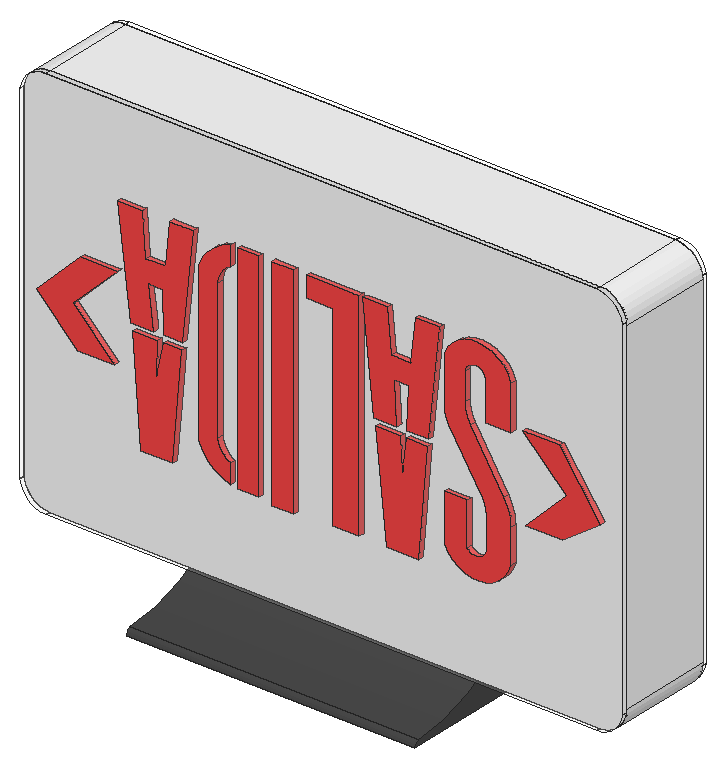
Revit family "CSR", category Lighting Fixtures, host Face, Revit 2021
Family settings
  Host = Face
  Round Connector Dimension = Use Diameter
  Part Type = Normal
  OmniClass Number = 23.80.70.11.21
  OmniClass Title = Emergency Lighting
  Cut with Voids When Loaded = No
  Light Source = No
  Shared = No
  Room Calculation Point = No
Parameters (values of type "CSRIV")
  zz Length 1 [instance] = if(Single Face, 0.200", 0.250")  # 0.200"
  Watts = 3.8 W
  Wattage Comments = "3.8W"
  Warranty = "2 year full unit warranty"  # constant formula
  Wall Plate Material = Black
  Voltage [instance] = if(Is 120VAC, 120 V, 277 V)  # 120 V
  URL = "https://www.currentlighting.com/compass"
  Type Comments = "Exit Light"  # constant formula
  Single Face = yes
  Product Page URL = ""
  Product Documentation Link = ""
  Model = "CSRIV"
  Manufacturer = "Compass Products"  # constant formula
  Load Classification = Lighting
  Lens = Red Glass
  Length [instance] = 11.500"
  Lamp = "LED Lamp"  # constant formula
  Is 277VAC [instance] = not(Is 120VAC)  # no
  Is 120VAC [instance] = yes
  Holder Material = Steel
  Glass = light Glass
  Finish = White
  Features = "• LED life-cycle of more than 10 years\r\n• Molded-in template for Quick installation\r\n• Meets International input voltage requirements\r\n• Optional long-life 4.8V Nickel Cadmium battery for\r\n90 minute emergency lighting\r\n• Provided with test switch and AC-On indicator\r\n• Canopy Included"  # constant formula
  Double Face = no
  Description = "The Compass International Exit offers quality and value\r\nwith a compact and attractive LED based emergency\r\nexit. The white housing is made of high impact UL flame\r\nrated thermoplastic. Snap together canopy, housing\r\nand removable chevrons for quick and easy installation.\r\nUniversal single or double-face with SALIDA panel."  # constant formula
  Default Elevation = 48.000"
  Certification = "UL924 Listed for Wet Location\r\nNFPA 101 and NFPA 70\r\nOSHA\r\nCEC T20 Compliant"  # constant formula
  Application = "The CSR Series can be applied in stair-wells, hallways,\r\noffices and other commercial applications. Offers 120 or\r\n220-240VAC input at 50/60HZ."  # constant formula
  Apparent Load = Watts  # 3.8 VA
Reference planes (in)
  plane 1 "Center (Front/Back)": y = 0
  plane 2: z = 0
  plane 3 "Center (Left/Right)": x = 0
  plane 4: x = -5.75
  plane 5: x = 5.75
  plane 6: x = -2.75
  plane 7: x = 2.75
  plane 8: z = 8.2
  plane 9: y = -1
  plane 10: y = 1
  plane 11: y = -2.2
  plane 12: y = 2.2
  plane 13: y = -0.9
  plane 14: y = 0.9
Forms (in)
  Extrusion 1, solid, material "Black" <- "Wall Plate Material"
    sketch origin (0, 0, 0) x (0, 1, 0) y (0, 0, 1)
      loop
        arc (2.20471, 0) -> (2.17787, 0.06136) -> (2.12433, 0.10161) r 0.1318
        arc (2.12433, 0.10161) -> (1.22549, 0.26763) -> (0.40876, 0.67804) r 3.24074
        arc (0.40876, 0.67804) -> (0.39495, 0.66396) -> (0.38531, 0.64676) r 0.07482
        line (0.38531, 0.64676) -> (-0.38531, 0.64676)
        arc (-0.38531, 0.64676) -> (-0.39495, 0.66396) -> (-0.40876, 0.67804) r 0.07482
        arc (-0.40876, 0.67804) -> (-1.22549, 0.26763) -> (-2.12433, 0.10161) r 3.24074
        arc (-2.12433, 0.10161) -> (-2.17787, 0.06136) -> (-2.20471, 0) r 0.1318
        line (-2.20471, 0) -> (2.20471, 0)
    from -2.75 to 2.75
  Extrusion 2, solid, material "White" <- "Finish"
    sketch origin (0, 0, 0) x (1, 0, 0) y (0, 0, 1)
      loop
        arc (-5.25, 8.2) -> (-5.60355, 8.05355) -> (-5.75, 7.7) r 0.5
        line (-5.75, 7.7) -> (-5.75, 1.14676)
        arc (-5.75, 1.14676) -> (-5.60355, 0.79321) -> (-5.25, 0.64676) r 0.5
        line (-5.25, 0.64676) -> (5.25, 0.64676)
        arc (5.25, 0.64676) -> (5.60355, 0.79321) -> (5.75, 1.14676) r 0.5
        line (5.75, 1.14676) -> (5.75, 7.7)
        arc (5.75, 7.7) -> (5.60355, 8.05355) -> (5.25, 8.2) r 0.5
        line (5.25, 8.2) -> (-5.25, 8.2)
    from -0.9 to 0.9
  Extrusion 3, solid, material "Red Glass" <- "Lens", visible <- "Single Face"
    sketch origin (0, 0, 1.25) x (1, 0, 0) y (0, 0, 1)
      loop
        line (3.89694, 2.42856) -> (4.59852, 2.42856) -> (5.33025, 2.95343) -> (4.55165, 4.03889) -> (3.85007, 4.03889) -> (4.67867, 3.21028) -> (3.89694, 2.42856)
      loop
        arc (2.75009, 4.67867) -> (2.94439, 4.83538) -> (3.13814, 4.678) r 0.19838
        line (3.13814, 4.678) -> (3.13814, 3.928) -> (3.62252, 3.928) -> (3.62252, 4.77295)
        arc (3.62252, 4.77295) -> (3.00964, 5.25196) -> (2.35092, 4.83826) r 0.67689
        line (2.35092, 4.83826) -> (2.35092, 3.94336)
        arc (2.35092, 3.94336) -> (2.37344, 3.78315) -> (2.43924, 3.63535) r 0.58124
        line (2.43924, 3.63535) -> (3.07128, 2.62388)
        arc (3.07128, 2.62388) -> (3.13274, 2.48584) -> (3.15377, 2.3362) r 0.54288
        line (3.15377, 2.3362) -> (3.15377, 1.74187)
        arc (3.15377, 1.74187) -> (2.99241, 1.58166) -> (2.78183, 1.66743) r 0.2061
        line (2.78183, 1.66743) -> (2.78183, 2.47624) -> (2.35092, 2.47624) -> (2.35092, 1.58161)
        arc (2.35092, 1.58161) -> (3.00964, 1.16791) -> (3.62252, 1.64692) r 0.67689
        line (3.62252, 1.64692) -> (3.62252, 2.31127)
        arc (3.62252, 2.31127) -> (3.58869, 2.55195) -> (3.48984, 2.77398) r 0.87316
        line (3.48984, 2.77398) -> (2.85439, 3.79091)
        arc (2.85439, 3.79091) -> (2.77668, 3.96545) -> (2.75009, 4.15464) r 0.68638
        line (2.75009, 4.15464) -> (2.75009, 4.67867)
      loop
        line (1.27336, 5.24802) -> (0.79954, 5.24802) -> (1.0086, 3.25898) -> (1.44738, 3.25898) -> (1.40061, 4.03954) -> (1.66947, 4.03954) -> (1.62573, 3.25898) -> (2.0447, 3.25898) -> (2.25375, 5.24802) -> (1.79649, 5.24802) -> (1.71319, 4.45546) -> (1.3427, 4.45546) -> (1.27336, 5.24802)
      loop
        line (1.04357, 3.12676) -> (1.24776, 1.13437) -> (1.85649, 1.13437) -> (2.0308, 3.12676) -> (1.62222, 3.12676) -> (1.55275, 2.52316) -> (1.51054, 3.12676) -> (1.04357, 3.12676)
      loop
        line (-0.27801, 5.24802) -> (-0.27801, 4.85312) -> (0.22199, 4.85312) -> (0.22199, 1.13437) -> (0.72199, 1.13437) -> (0.72199, 5.24802) -> (-0.27801, 5.24802)
      loop
        line (-0.94457, 5.24802) -> (-0.94457, 1.07644) -> (-0.52467, 1.07644) -> (-0.52467, 5.24802) -> (-0.94457, 5.24802)
      loop
        line (-1.59247, 5.24802) -> (-1.59247, 1.13437) -> (-1.19234, 1.13437) -> (-1.19234, 5.24802) -> (-1.59247, 5.24802)
      loop
        line (-1.72748, 4.88692) -> (-1.72748, 5.24802)
        arc (-1.72748, 5.24802) -> (-2.10015, 5.05068) -> (-2.33537, 4.70067) r 0.86562
        line (-2.33537, 4.70067) -> (-2.33537, 1.70791)
        arc (-2.33537, 1.70791) -> (-2.10015, 1.3579) -> (-1.72748, 1.16056) r 0.86562
        line (-1.72748, 1.16056) -> (-1.72748, 1.52166)
        arc (-1.72748, 1.52166) -> (-1.89112, 1.67124) -> (-1.96743, 1.87939) r 0.46741
        line (-1.96743, 1.87939) -> (-1.96743, 4.52919)
        arc (-1.96743, 4.52919) -> (-1.89112, 4.73735) -> (-1.72748, 4.88692) r 0.46741
      loop
        line (-3.41493, 5.24802) -> (-3.88874, 5.24802) -> (-3.62968, 3.25898) -> (-3.19091, 3.25898) -> (-3.28767, 4.03954) -> (-3.01881, 4.03954) -> (-3.01256, 3.25898) -> (-2.64359, 3.25898) -> (-2.43453, 5.24802) -> (-2.89179, 5.24802) -> (-2.9751, 4.45546) -> (-3.34559, 4.45546) -> (-3.41493, 5.24802)
      loop
        line (-3.59472, 3.12676) -> (-3.44052, 1.13437) -> (-2.83179, 1.13437) -> (-2.65748, 3.12676) -> (-3.01606, 3.12676) -> (-3.13553, 2.52316) -> (-3.12774, 3.12676) -> (-3.59472, 3.12676)
      loop
        line (-3.94069, 2.42856) -> (-4.72242, 3.21028) -> (-3.89382, 4.03889) -> (-4.5954, 4.03889) -> (-5.424, 3.21028) -> (-4.64227, 2.42856) -> (-3.94069, 2.42856)
    from 0.9 to 1
  Extrusion 4, solid, material "light Glass" <- "Glass", visible <- "Single Face"
    sketch origin (0, 0, 0) x (1, 0, 0) y (0, 0, 1)
      loop
        arc (-5.25, 8.2) -> (-5.58164, 8.07419) -> (-5.74638, 7.76007) r 0.5
        line (-5.74638, 7.76007) -> (-5.74638, 1.08669)
        arc (-5.74638, 1.08669) -> (-5.58164, 0.77257) -> (-5.25, 0.64676) r 0.5
        line (-5.25, 0.64676) -> (5.25, 0.64676)
        arc (5.25, 0.64676) -> (5.58164, 0.77257) -> (5.74638, 1.08669) r 0.5
        line (5.74638, 1.08669) -> (5.74638, 7.76007)
        arc (5.74638, 7.76007) -> (5.58164, 8.07419) -> (5.25, 8.2) r 0.5
        line (5.25, 8.2) -> (-5.25, 8.2)
    from 0.9 to 1
  Extrusion 5, solid, material "Red Glass" <- "Lens", visible <- "Double Face"
    sketch origin (0, 0, 1.25) x (1, 0, 0) y (0, 0, -1)
      loop
        line (-4.01768, -2.42856) -> (-4.71926, -2.42856) -> (-5.50098, -3.21028) -> (-4.67238, -4.03889) -> (-3.9708, -4.03889) -> (-4.79941, -3.21028) -> (-4.01768, -2.42856)
      loop
        arc (-2.87083, -4.67867) -> (-3.06512, -4.83538) -> (-3.25888, -4.678) r 0.19838
        line (-3.25888, -4.678) -> (-3.25888, -3.928) -> (-3.74325, -3.928) -> (-3.74325, -4.77295)
        arc (-3.74325, -4.77295) -> (-3.13038, -5.25196) -> (-2.47166, -4.83826) r 0.67689
        line (-2.47166, -4.83826) -> (-2.47166, -3.94336)
        arc (-2.47166, -3.94336) -> (-2.49417, -3.78315) -> (-2.55998, -3.63535) r 0.58124
        line (-2.55998, -3.63535) -> (-3.19201, -2.62388)
        arc (-3.19201, -2.62388) -> (-3.25347, -2.48584) -> (-3.2745, -2.3362) r 0.54288
        line (-3.2745, -2.3362) -> (-3.2745, -1.74187)
        arc (-3.2745, -1.74187) -> (-3.11315, -1.58166) -> (-2.90256, -1.66743) r 0.2061
        line (-2.90256, -1.66743) -> (-2.90256, -2.47624) -> (-2.47166, -2.47624) -> (-2.47166, -1.58161)
        arc (-2.47166, -1.58161) -> (-3.13038, -1.16791) -> (-3.74325, -1.64692) r 0.67689
        line (-3.74325, -1.64692) -> (-3.74325, -2.31127)
        arc (-3.74325, -2.31127) -> (-3.70943, -2.55195) -> (-3.61058, -2.77398) r 0.87316
        line (-3.61058, -2.77398) -> (-2.97513, -3.79091)
        arc (-2.97513, -3.79091) -> (-2.89742, -3.96545) -> (-2.87083, -4.15464) r 0.68638
        line (-2.87083, -4.15464) -> (-2.87083, -4.67867)
      loop
        line (-1.39409, -5.24802) -> (-0.92028, -5.24802) -> (-1.12933, -3.25898) -> (-1.56811, -3.25898) -> (-1.52135, -4.03954) -> (-1.79021, -4.03954) -> (-1.74646, -3.25898) -> (-2.16543, -3.25898) -> (-2.37449, -5.24802) -> (-1.91723, -5.24802) -> (-1.83392, -4.45546) -> (-1.46343, -4.45546) -> (-1.39409, -5.24802)
      loop
        line (-1.1643, -3.12676) -> (-1.36849, -1.13437) -> (-1.97722, -1.13437) -> (-2.15154, -3.12676) -> (-1.74296, -3.12676) -> (-1.67349, -2.52316) -> (-1.63128, -3.12676) -> (-1.1643, -3.12676)
      loop
        line (0.15727, -5.24802) -> (0.15727, -4.85312) -> (-0.34273, -4.85312) -> (-0.34273, -1.13437) -> (-0.84273, -1.13437) -> (-0.84273, -5.24802) -> (0.15727, -5.24802)
      loop
        line (0.82383, -5.24802) -> (0.82383, -1.07644) -> (0.40393, -1.07644) -> (0.40393, -5.24802) -> (0.82383, -5.24802)
      loop
        line (1.47173, -5.24802) -> (1.47173, -1.13437) -> (1.07161, -1.13437) -> (1.07161, -5.24802) -> (1.47173, -5.24802)
      loop
        line (1.60674, -4.88692) -> (1.60674, -5.24802)
        arc (1.60674, -5.24802) -> (1.97942, -5.05068) -> (2.21463, -4.70067) r 0.86562
        line (2.21463, -4.70067) -> (2.21463, -1.70791)
        arc (2.21463, -1.70791) -> (1.97942, -1.3579) -> (1.60674, -1.16056) r 0.86562
        line (1.60674, -1.16056) -> (1.60674, -1.52166)
        arc (1.60674, -1.52166) -> (1.77038, -1.67124) -> (1.84669, -1.87939) r 0.46741
        line (1.84669, -1.87939) -> (1.84669, -4.52919)
        arc (1.84669, -4.52919) -> (1.77038, -4.73735) -> (1.60674, -4.88692) r 0.46741
      loop
        line (3.29419, -5.24802) -> (3.768, -5.24802) -> (3.55895, -3.25898) -> (3.12017, -3.25898) -> (3.16694, -4.03954) -> (2.89807, -4.03954) -> (2.94182, -3.25898) -> (2.52285, -3.25898) -> (2.31379, -5.24802) -> (2.77106, -5.24802) -> (2.85436, -4.45546) -> (3.22485, -4.45546) -> (3.29419, -5.24802)
      loop
        line (3.52398, -3.12676) -> (3.31979, -1.13437) -> (2.71106, -1.13437) -> (2.53675, -3.12676) -> (2.94532, -3.12676) -> (3.01479, -2.52316) -> (3.057, -3.12676) -> (3.52398, -3.12676)
      loop
        line (3.86996, -2.42856) -> (4.65168, -3.21028) -> (3.82308, -4.03889) -> (4.52466, -4.03889) -> (5.35326, -3.21028) -> (4.57153, -2.42856) -> (3.86996, -2.42856)
    from 0.9 to 1
  Extrusion 6, solid, material "light Glass" <- "Glass", visible <- "Single Face"
    sketch origin (0, 0, 0) x (1, 0, 0) y (0, 0, -1)
      loop
        line (-5.25, -8.2) -> (5.25, -8.2)
        arc (5.25, -8.2) -> (5.58164, -8.07419) -> (5.74638, -7.76007) r 0.5
        line (5.74638, -7.76007) -> (5.74638, -1.08669)
        arc (5.74638, -1.08669) -> (5.58164, -0.77257) -> (5.25, -0.64676) r 0.5
        line (5.25, -0.64676) -> (-5.25, -0.64676)
        arc (-5.25, -0.64676) -> (-5.58164, -0.77257) -> (-5.74638, -1.08669) r 0.5
        line (-5.74638, -1.08669) -> (-5.74638, -7.76007)
        arc (-5.74638, -7.76007) -> (-5.58164, -8.07419) -> (-5.25, -8.2) r 0.5
    from 0.9 to 1
Dimensions and locks (in)
  plane 4 to plane 3 "Center (Left/Right)" = 5.750"
  equal spacing: plane 4, plane 3 "Center (Left/Right)", plane 5
  equal spacing: plane 6, plane 3 "Center (Left/Right)", plane 7
  plane 6 to plane 3 "Center (Left/Right)" = 2.750"
  plane 7 to plane 6 = 5.500"
  plane 8 to plane 2 = 8.200"
  "Length": plane 5 to plane 4
  plane 10 to plane 9 = 2.000"
  aligned and locked: plane 2 to host face
  aligned and locked: level to host face
  aligned and locked: Extrusion 1 to plane 6
  aligned and locked: plane 7 to Extrusion 1
  aligned and locked: plane 13 to Extrusion 2
  aligned and locked: plane 14 to Extrusion 6
  aligned and locked: Extrusion 6 to plane 10
  aligned and locked: Extrusion 6 to Extrusion 5
  aligned and locked: Extrusion 5 to plane 10
  aligned and locked: Extrusion 2 to Extrusion 5
  aligned and locked: Extrusion 4 to Extrusion 2
  aligned and locked: plane 9 to Extrusion 4
  aligned and locked: Extrusion 3 to Extrusion 2
  aligned and locked: plane 9 to Extrusion 3
Automatic sketch dimensions
  host sketch curve to host sketch curve = 96.000"  (x2)
  Extrusion 2 sketch curve to plane 4 = 0.000"
  Extrusion 2 sketch curve to plane 8 = 0.000"
  Extrusion 2 sketch curve to plane 5 = 0.000"
  plane 4 to Extrusion 2 sketch curve = 0.500"  (x2)
  Extrusion 2 sketch curve to plane 5 = 0.500"  (x2)
  level to Extrusion 2 sketch curve = 1.14676"
  plane 4 to Extrusion 3 sketch curve = 0.326"
  Extrusion 3 sketch curve to Extrusion 3 sketch curve = 0.70158"  (x5)
  Extrusion 3 sketch curve to Extrusion 3 sketch curve = 0.08015"  (x2)
  Extrusion 3 sketch curve to Extrusion 3 sketch curve = 0.12702"
  Extrusion 3 sketch curve to plane 6 = 1.13874"
  Extrusion 3 sketch curve to Extrusion 3 sketch curve = 0.26413"
  Extrusion 3 sketch curve to Extrusion 3 sketch curve = 0.03497"  (x2)
  Extrusion 3 sketch curve to plane 6 = 0.69052"
  Extrusion 3 sketch curve to Extrusion 3 sketch curve = 0.47381"  (x2)
  Extrusion 3 sketch curve to plane 6 = 0.59559"
  Extrusion 3 sketch curve to Extrusion 3 sketch curve = 0.05791"  (x2)
  Extrusion 3 sketch curve to Extrusion 3 sketch curve = 0.40381"  (x2)
  Extrusion 3 sketch curve to Extrusion 3 sketch curve = 0.06317"  (x2)
  Extrusion 3 sketch curve to plane 6 = 0.38553"
  Extrusion 3 sketch curve to Extrusion 3 sketch curve = 0.11168"  (x2)
  Extrusion 3 sketch curve to Extrusion 3 sketch curve = 0.0035"  (x2)
  Extrusion 3 sketch curve to plane 6 = 0.26881"
  Extrusion 3 sketch curve to plane 6 = 0.2251"
  Extrusion 3 sketch curve to plane 6 = 0.14179"
  Extrusion 3 sketch curve to plane 6 = 0.08179"
  plane 6 to Extrusion 3 sketch curve = 0.09252"
  plane 6 to Extrusion 3 sketch curve = 0.10641"
  plane 6 to Extrusion 3 sketch curve = 0.31547"
  plane 6 to Extrusion 3 sketch curve = 0.41463"
  Extrusion 3 sketch curve to Extrusion 3 sketch curve = 0.36794"
  Extrusion 3 sketch curve to Extrusion 3 sketch curve = 0.23995"
  Extrusion 3 sketch curve to Extrusion 3 sketch curve = 0.70705"
  Extrusion 3 sketch curve to Extrusion 3 sketch curve = 0.13501"
  Extrusion 3 sketch curve to Extrusion 3 sketch curve = 0.44649"  (x2)
  Extrusion 3 sketch curve to Extrusion 3 sketch curve = 0.01799"  (x2)
  Extrusion 3 sketch curve to Extrusion 3 sketch curve = 0.40013"
  Extrusion 3 sketch curve to Extrusion 3 sketch curve = 0.24778"
  Extrusion 3 sketch curve to Extrusion 3 sketch curve = 0.4199"
  Extrusion 3 sketch curve to Extrusion 3 sketch curve = 0.24666"
  plane 3 "Center (Left/Right)" to Extrusion 3 sketch curve = 0.22199"
  Extrusion 3 sketch curve to Extrusion 3 sketch curve = 0.500"
  Extrusion 3 sketch curve to Extrusion 3 sketch curve = 0.07755"
  plane 3 "Center (Left/Right)" to Extrusion 3 sketch curve = 1.0086"
  Extrusion 3 sketch curve to Extrusion 3 sketch curve = 0.52576"
  Extrusion 3 sketch curve to Extrusion 3 sketch curve = 0.06934"
  Extrusion 3 sketch curve to Extrusion 3 sketch curve = 0.04221"
  Extrusion 3 sketch curve to Extrusion 3 sketch curve = 0.26886"
  Extrusion 3 sketch curve to Extrusion 3 sketch curve = 0.37049"
  Extrusion 3 sketch curve to Extrusion 3 sketch curve = 0.52313"
  Extrusion 3 sketch curve to Extrusion 3 sketch curve = 0.60873"
  Extrusion 3 sketch curve to Extrusion 3 sketch curve = 0.40858"
  Extrusion 3 sketch curve to Extrusion 3 sketch curve = 0.0139"
  Extrusion 3 sketch curve to Extrusion 3 sketch curve = 0.45726"
  Extrusion 3 sketch curve to plane 7 = 0.39908"  (x2)
  Extrusion 3 sketch curve to plane 7 = 0.31076"
  Extrusion 3 sketch curve to plane 7 = 0.13911"
  Extrusion 3 sketch curve to plane 7 = 0.00064"
  plane 7 to Extrusion 3 sketch curve = 0.00009"
  plane 7 to Extrusion 3 sketch curve = 0.03183"
  plane 7 to Extrusion 3 sketch curve = 0.10439"
  Extrusion 3 sketch curve to Extrusion 3 sketch curve = 0.07777"
  plane 7 to Extrusion 3 sketch curve = 0.19405"
  plane 7 to Extrusion 3 sketch curve = 0.20197"
  Extrusion 3 sketch curve to Extrusion 3 sketch curve = 0.02296"
  Extrusion 3 sketch curve to Extrusion 3 sketch curve = 0.03088"
  plane 7 to Extrusion 3 sketch curve = 0.32128"
  Extrusion 3 sketch curve to Extrusion 3 sketch curve = 0.20598"
  Extrusion 3 sketch curve to Extrusion 3 sketch curve = 0.08249"
  Extrusion 3 sketch curve to Extrusion 3 sketch curve = 0.29833"
  Extrusion 3 sketch curve to Extrusion 3 sketch curve = 0.41856"
  Extrusion 3 sketch curve to Extrusion 3 sketch curve = 0.18604"
  Extrusion 3 sketch curve to Extrusion 3 sketch curve = 0.46875"
  Extrusion 3 sketch curve to Extrusion 3 sketch curve = 0.22755"
  Extrusion 3 sketch curve to Extrusion 3 sketch curve = 0.27443"
  Extrusion 3 sketch curve to plane 5 = 0.41975"
  level to Extrusion 3 sketch curve = 2.32644"
  Extrusion 3 sketch curve to Extrusion 3 sketch curve = 0.05793"  (x2)
  Extrusion 3 sketch curve to Extrusion 3 sketch curve = 0.000"  (x6)
  Extrusion 3 sketch curve to Extrusion 3 sketch curve = 0.02619"
  Extrusion 3 sketch curve to Extrusion 3 sketch curve = 0.3611"
  Extrusion 3 sketch curve to Extrusion 3 sketch curve = 0.44724"
  Extrusion 3 sketch curve to Extrusion 3 sketch curve = 0.06531"
  Extrusion 3 sketch curve to Extrusion 3 sketch curve = 0.17648"
  Extrusion 3 sketch curve to Extrusion 3 sketch curve = 0.18625"
  Extrusion 3 sketch curve to Extrusion 3 sketch curve = 0.10204"  (x2)
  Extrusion 3 sketch curve to Extrusion 3 sketch curve = 0.17148"  (x2)
  Extrusion 3 sketch curve to Extrusion 3 sketch curve = 0.46736"
  Extrusion 3 sketch curve to Extrusion 3 sketch curve = 0.02493"
  Extrusion 3 sketch curve to Extrusion 3 sketch curve = 0.11728"
  Extrusion 3 sketch curve to Extrusion 3 sketch curve = 1.29419"
  Extrusion 3 sketch curve to Extrusion 3 sketch curve = 0.14004"
  Extrusion 3 sketch curve to Extrusion 3 sketch curve = 0.0946"
  Extrusion 3 sketch curve to Extrusion 3 sketch curve = 0.04691"
  Extrusion 3 sketch curve to Extrusion 3 sketch curve = 0.6036"  (x2)
  Extrusion 3 sketch curve to Extrusion 3 sketch curve = 0.78173"  (x2)
  Extrusion 3 sketch curve to Extrusion 3 sketch curve = 0.13222"  (x4)
  Extrusion 3 sketch curve to Extrusion 3 sketch curve = 0.37637"
  Extrusion 3 sketch curve to Extrusion 3 sketch curve = 0.15245"
  Extrusion 3 sketch curve to Extrusion 3 sketch curve = 0.01536"
  Extrusion 3 sketch curve to Extrusion 3 sketch curve = 0.78057"  (x2)
  Extrusion 3 sketch curve to Extrusion 3 sketch curve = 0.36786"
  Extrusion 3 sketch curve to Extrusion 3 sketch curve = 0.41591"  (x2)
  Extrusion 3 sketch curve to Extrusion 3 sketch curve = 0.06957"
  Extrusion 3 sketch curve to Extrusion 3 sketch curve = 0.12179"
  Extrusion 3 sketch curve to Extrusion 3 sketch curve = 0.42132"
  Extrusion 3 sketch curve to Extrusion 3 sketch curve = 0.06104"
  Extrusion 3 sketch curve to Extrusion 3 sketch curve = 0.09495"
  Extrusion 3 sketch curve to Extrusion 3 sketch curve = 0.39766"
  Extrusion 3 sketch curve to Extrusion 3 sketch curve = 0.3949"  (x2)
  Extrusion 3 sketch curve to Extrusion 3 sketch curve = 0.79257"
  Extrusion 3 sketch curve to Extrusion 3 sketch curve = 0.54735"
  Extrusion 3 sketch curve to Extrusion 3 sketch curve = 0.40976"
  Extrusion 4 sketch curve to plane 8 = 0.000"
  plane 4 to Extrusion 4 sketch curve = 0.00362"
  plane 4 to Extrusion 4 sketch curve = 0.500"  (x2)
  Extrusion 4 sketch curve to plane 5 = 0.500"  (x2)
  Extrusion 4 sketch curve to plane 5 = 0.00362"
  Extrusion 4 sketch curve to plane 8 = 0.43993"  (x2)
  level to Extrusion 4 sketch curve = 1.14676"  (x2)
  Extrusion 4 sketch curve to Extrusion 4 sketch curve = 0.06007"
  Extrusion 6 sketch curve to plane 8 = 0.000"
  plane 4 to Extrusion 6 sketch curve = 0.00362"
  plane 4 to Extrusion 6 sketch curve = 0.500"  (x2)
  Extrusion 6 sketch curve to plane 5 = 0.500"  (x2)
  Extrusion 6 sketch curve to plane 5 = 0.00362"
  Extrusion 6 sketch curve to plane 8 = 0.43993"  (x2)
  level to Extrusion 6 sketch curve = 1.14676"  (x2)
  Extrusion 6 sketch curve to Extrusion 6 sketch curve = 0.06007"
  Extrusion 5 sketch curve to plane 8 = 3.73972"  (x3)
  plane 4 to Extrusion 5 sketch curve = 0.24902"
  Extrusion 5 sketch curve to Extrusion 5 sketch curve = 0.70158"  (x5)
  Extrusion 5 sketch curve to Extrusion 5 sketch curve = 0.08015"  (x2)
  Extrusion 5 sketch curve to Extrusion 5 sketch curve = 0.12702"
  level to Extrusion 5 sketch curve = 3.67856"
  Extrusion 5 sketch curve to Extrusion 5 sketch curve = 0.27443"
  Extrusion 5 sketch curve to Extrusion 5 sketch curve = 0.22755"
  level to Extrusion 5 sketch curve = 4.02398"
  Extrusion 5 sketch curve to Extrusion 5 sketch curve = 0.13268"
  Extrusion 5 sketch curve to Extrusion 5 sketch curve = 0.18604"
  Extrusion 5 sketch curve to Extrusion 5 sketch curve = 0.46875"
  Extrusion 5 sketch curve to Extrusion 5 sketch curve = 0.29833"
  level to Extrusion 5 sketch curve = 3.87388"
  Extrusion 5 sketch curve to Extrusion 5 sketch curve = 0.08249"
  Extrusion 5 sketch curve to Extrusion 5 sketch curve = 0.17884"
  Extrusion 5 sketch curve to Extrusion 5 sketch curve = 0.16322"
  Extrusion 5 sketch curve to Extrusion 5 sketch curve = 0.02296"
  Extrusion 5 sketch curve to Extrusion 5 sketch curve = 0.03088"
  Extrusion 5 sketch curve to Extrusion 5 sketch curve = 0.20598"
  Extrusion 5 sketch curve to plane 8 = 3.15909"
  Extrusion 5 sketch curve to Extrusion 5 sketch curve = 0.07777"
  Extrusion 5 sketch curve to Extrusion 5 sketch curve = 0.17014"
  Extrusion 5 sketch curve to Extrusion 5 sketch curve = 0.18207"
  Extrusion 5 sketch curve to Extrusion 5 sketch curve = 0.03247"
  Extrusion 5 sketch curve to Extrusion 5 sketch curve = 0.13847"
  Extrusion 5 sketch curve to plane 8 = 3.31465"
  Extrusion 5 sketch curve to Extrusion 5 sketch curve = 0.41515"
  Extrusion 5 sketch curve to Extrusion 5 sketch curve = 0.25997"
  Extrusion 5 sketch curve to Extrusion 5 sketch curve = 0.08832"
  Extrusion 5 sketch curve to Extrusion 5 sketch curve = 0.09717"
  Extrusion 5 sketch curve to Extrusion 5 sketch curve = 0.39454"
  Extrusion 5 sketch curve to Extrusion 5 sketch curve = 0.0139"  (x2)
  level to Extrusion 5 sketch curve = 2.38437"  (x2)
  Extrusion 5 sketch curve to Extrusion 5 sketch curve = 0.49443"
  Extrusion 5 sketch curve to plane 8 = 1.70198"  (x2)
  Extrusion 5 sketch curve to Extrusion 5 sketch curve = 0.45726"  (x2)
  Extrusion 5 sketch curve to Extrusion 5 sketch curve = 0.63773"
  Extrusion 5 sketch curve to Extrusion 5 sketch curve = 0.04371"  (x2)
  Extrusion 5 sketch curve to Extrusion 5 sketch curve = 0.41897"  (x2)
  Extrusion 5 sketch curve to Extrusion 5 sketch curve = 0.0035"  (x2)
  level to Extrusion 5 sketch curve = 3.77316"
  Extrusion 5 sketch curve to Extrusion 5 sketch curve = 0.06947"  (x2)
  Extrusion 5 sketch curve to Extrusion 5 sketch curve = 0.11168"  (x2)
  Extrusion 5 sketch curve to plane 8 = 3.69102"
  Extrusion 5 sketch curve to Extrusion 5 sketch curve = 0.06317"  (x2)
  Extrusion 5 sketch curve to plane 8 = 2.91046"  (x2)
  Extrusion 5 sketch curve to Extrusion 5 sketch curve = 0.26886"  (x2)
  Extrusion 5 sketch curve to Extrusion 5 sketch curve = 0.37049"  (x2)
  Extrusion 5 sketch curve to Extrusion 5 sketch curve = 0.52313"  (x2)
  Extrusion 5 sketch curve to Extrusion 5 sketch curve = 0.60873"  (x2)
  Extrusion 5 sketch curve to plane 8 = 3.82324"
  Extrusion 5 sketch curve to Extrusion 5 sketch curve = 0.40381"  (x2)
  Extrusion 5 sketch curve to Extrusion 5 sketch curve = 0.03497"  (x2)
  Extrusion 5 sketch curve to Extrusion 5 sketch curve = 0.47381"  (x2)
  Extrusion 5 sketch curve to Extrusion 5 sketch curve = 0.52576"
  Extrusion 5 sketch curve to Extrusion 5 sketch curve = 0.500"  (x2)
  Extrusion 5 sketch curve to Extrusion 5 sketch curve = 0.24666"
  Extrusion 5 sketch curve to Extrusion 5 sketch curve = 0.4199"
  Extrusion 5 sketch curve to Extrusion 5 sketch curve = 0.24778"
  Extrusion 5 sketch curve to Extrusion 5 sketch curve = 0.3106"  (x2)
  Extrusion 5 sketch curve to Extrusion 5 sketch curve = 0.01799"  (x2)
  Extrusion 5 sketch curve to Extrusion 5 sketch curve = 0.40013"
  Extrusion 5 sketch curve to Extrusion 5 sketch curve = 0.13501"  (x2)
  Extrusion 5 sketch curve to Extrusion 5 sketch curve = 0.23995"
  Extrusion 5 sketch curve to Extrusion 5 sketch curve = 0.36794"
  Extrusion 5 sketch curve to Extrusion 5 sketch curve = 0.09916"
  Extrusion 5 sketch curve to Extrusion 5 sketch curve = 0.67615"
  Extrusion 5 sketch curve to Extrusion 5 sketch curve = 0.49643"
  Extrusion 5 sketch curve to plane 8 = 2.49454"
  Extrusion 5 sketch curve to Extrusion 5 sketch curve = 0.63973"
  Extrusion 5 sketch curve to Extrusion 5 sketch curve = 0.65614"
  Extrusion 5 sketch curve to Extrusion 5 sketch curve = 0.34598"
  Extrusion 5 sketch curve to Extrusion 5 sketch curve = 0.000"  (x8)
  Extrusion 5 sketch curve to Extrusion 5 sketch curve = 0.79257"
  Extrusion 5 sketch curve to Extrusion 5 sketch curve = 0.3611"
  Extrusion 5 sketch curve to Extrusion 5 sketch curve = 0.3949"
  Extrusion 5 sketch curve to Extrusion 5 sketch curve = 0.40976"
  Extrusion 5 sketch curve to Extrusion 5 sketch curve = 0.61831"
  Extrusion 5 sketch curve to Extrusion 5 sketch curve = 0.54735"
  Extrusion 5 sketch curve to Extrusion 5 sketch curve = 0.10271"
  Extrusion 5 sketch curve to Extrusion 5 sketch curve = 0.10204"  (x2)
  Extrusion 5 sketch curve to Extrusion 5 sketch curve = 0.17148"  (x2)
  Extrusion 5 sketch curve to Extrusion 5 sketch curve = 0.41591"
  Extrusion 5 sketch curve to Extrusion 5 sketch curve = 0.00066"
  Extrusion 5 sketch curve to Extrusion 5 sketch curve = 0.11088"
  Extrusion 5 sketch curve to Extrusion 5 sketch curve = 0.37637"
  Extrusion 5 sketch curve to Extrusion 5 sketch curve = 0.78057"
  Extrusion 5 sketch curve to Extrusion 5 sketch curve = 0.13222"  (x2)
  Extrusion 5 sketch curve to Extrusion 5 sketch curve = 0.6036"
  Extrusion 5 sketch curve to Extrusion 5 sketch curve = 0.16497"
  Extrusion 5 sketch curve to Extrusion 5 sketch curve = 0.86681"
  Extrusion 5 sketch curve to Extrusion 5 sketch curve = 0.06957"
  Extrusion 5 sketch curve to Extrusion 5 sketch curve = 0.12179"
  Extrusion 5 sketch curve to Extrusion 5 sketch curve = 0.46736"
  Extrusion 5 sketch curve to Extrusion 5 sketch curve = 0.06016"
  Extrusion 5 sketch curve to Extrusion 5 sketch curve = 0.09495"
  Extrusion 5 sketch curve to Extrusion 5 sketch curve = 0.02619"
  Extrusion 5 sketch curve to Extrusion 5 sketch curve = 0.05793"
  Extrusion 1 sketch curve to level = 0.000"
  plane 11 to Extrusion 1 sketch curve = 0.05766"
  plane 11 to Extrusion 1 sketch curve = 0.00471"
  Extrusion 1 sketch curve to level = 0.0204"  (x2)
  Extrusion 1 sketch curve to plane 11 = 0.1255"
  Extrusion 1 sketch curve to plane 13 = 0.44518"
  Extrusion 1 sketch curve to Extrusion 1 sketch curve = 0.06951"  (x2)
  plane 14 to Extrusion 1 sketch curve = 0.44518"
  plane 12 to Extrusion 1 sketch curve = 0.1255"
  Extrusion 1 sketch curve to plane 12 = 0.05766"
  Extrusion 1 sketch curve to Extrusion 1 sketch curve = 0.02769"  (x2)
  Extrusion 1 sketch curve to Extrusion 1 sketch curve = 2.72053"
  Extrusion 1 sketch curve to plane 11 = 0.07567"
  Extrusion 1 sketch curve to Extrusion 1 sketch curve = 0.02345"
  plane 12 to Extrusion 1 sketch curve = 0.07567"
  level to Extrusion 1 sketch curve = 0.61907"
  Extrusion 1 sketch curve to plane 12 = 0.00471"
Connectors (in)
  electrical at (0, 0, 0), driven by "Voltage", driven by "Apparent Load"
    settings: on Extrusion 1, index 1, voltage 120 V, apparent load 3.8 VA, apparent load phase1 0 VA, apparent load phase2 0 VA, apparent load phase3 0 VA, power factor 1, load classification "Other", number of poles 1, system type 30, power factor state 1, is connector primary yes, connector utility no, sub classification motor no, connector description "Lighting Connector"
